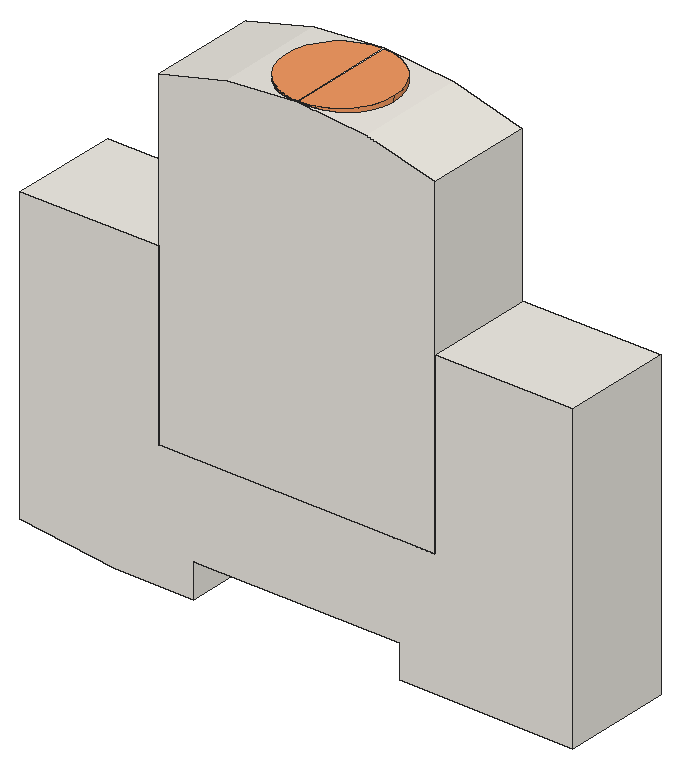
Revit family "Kombiableiter V50, 1-polig mit FS", category Generic Models, Revit 2015
Parameters (values of type "V50-1+FS-385")
  Width = 90 mm
  URL = "http://www.obo-bettermann.com"
  Material 2 = PA 66/6 FR HF RAL 2003
  Material = PA 66/6 FR HF RAL 9010
  Manufacturer Art.No. = "5093578"
  Manufacturer = "OBO Bettermann"
  Length = 17.8 mm
  Height = 78.5 mm
  GTIN = "4012196398560"
  Article Type = "V50-1+FS-385"
Types (5, lengths in mm): name | Manufacturer Art.No. | GTIN | Article Type
  (no name) | "5093578" | "4012196398560" | "V50-1+FS-385"
  V50-1+FS-280 | "5093502" | "4012196412969" | "V50-1+FS-280"
  V50-1+FS-320 | "5093546" | "4012196398454" | "V50-1+FS-320"
  V50-1+FS-150 | "5093446" | "4012196398645" | "V50-1+FS-150"
  V50-1+FS-385 | "5093578" | "4012196398560" | "V50-1+FS-385"
Reference planes
  plane 1 "Center (Front/Back)": y = 0
  plane 2: z = 0
  plane 3 "Center (Left/Right)": x = 0
  plane 4: y = 17.8
  plane 5: z = 78.5
  plane 6: z = 78.5
  plane 7: z = 77.5
Forms (mm)
  Extrusion 1, solid, material "PA 66/6 FR HF RAL 9010" <- "Material"
    sketch origin (0, 0, 0) x (1, 0, 0) y (0, 0, 1)
      loop
        line (-29.35, 0) -> (-16.75, 0) -> (-16.75, 5.5) -> (16.75, 5.5) -> (16.75, 0) -> (45, 0) -> (45, 49.5) -> (22.5, 49.5) -> (22.5, 20.5) -> (-22.5, 20.5) -> (-22.5, 49.5) -> (-45, 49.5) -> (-45, 1.922) -> (-29.35, 0)
    from -17.8 to 0
  Extrusion 2, solid, material "PA 66/6 FR HF RAL 9010" <- "Material"
    sketch origin (0, 0, 0) x (1, 0, 0) y (0, 0, 1)
      loop
        line (-22.5, 20.5) -> (22.5, 20.5) -> (22.5, 74.639)
        arc (22.5, 74.639) -> (0, 78.5) -> (-22.5, 74.639) r 67.488
        line (-22.5, 74.639) -> (-22.5, 20.5)
    from -17.8 to 0
  Extrusion 3, solid, material "PA 66/6 FR HF RAL 2003" <- "Material 2"
    sketch origin (0, 0, 0) x (1, 0, 0) y (0, 1, 0)
      loop
        circle (0, 8.9) r 8.75
    from 77.5 to 78.5
Dimensions and locks
  locked: Extrusion 1 sketch curve to Extrusion 1 sketch curve at 33.5
  locked: plane 3 "Center (Left/Right)" to Extrusion 1 sketch curve at 16.75
  locked: Extrusion 1 sketch curve to level at 5.5
  "Width": Extrusion 1 sketch curve to Extrusion 1 sketch curve
  equal spacing: Extrusion 1 sketch curve, plane 3 "Center (Left/Right)", Extrusion 1 sketch curve, locked at 45 each
  locked: Extrusion 1 sketch curve to Extrusion 1 sketch curve at 44
  locked: Extrusion 1 sketch curve to Extrusion 1 sketch curve at 45
  equal spacing: Extrusion 1 sketch curve, plane 3 "Center (Left/Right)", Extrusion 1 sketch curve, locked at 22.5 each
  locked: Extrusion 1 sketch curve to Extrusion 1 sketch curve at 29
  locked: Extrusion 1 sketch curve to Extrusion 1 sketch curve at 15.65
  locked: Extrusion 1 sketch curve to level at 1.922
  "Length": plane 1 "Center (Front/Back)" to plane 4
  "Height": plane 5 to level
  locked: Extrusion 2 sketch curve to Extrusion 1 at 54.139
  locked: Extrusion 2 to Extrusion 3 sketch curve at 8.9
  "Height": plane 6 to level
  locked: plane 6 to plane 7 at 1
  radius of Extrusion 2 sketch curve = 67.488 mm
  radius of Extrusion 3 sketch curve = 8.75 mm
  aligned and locked: level to plane 2
  aligned and locked: Extrusion 1 sketch curve to level  (x2)
  aligned and locked: Extrusion 1 sketch curve to Extrusion 1 sketch curve
  aligned and locked: plane 4 to Extrusion 1
  aligned and locked: plane 1 "Center (Front/Back)" to Extrusion 1
  aligned and locked: Extrusion 2 sketch curve to Extrusion 1  (x3)
  aligned and locked: Extrusion 2 sketch curve to Extrusion 2 sketch curve
  aligned and locked: Extrusion 1 to Extrusion 2
  aligned and locked: plane 1 "Center (Front/Back)" to Extrusion 2
  aligned and locked: plane 6 to Extrusion 3
  aligned and locked: Extrusion 3 to plane 7
Automatic sketch dimensions
  Extrusion 3 sketch curve to plane 3 "Center (Left/Right)" = 0 mm
